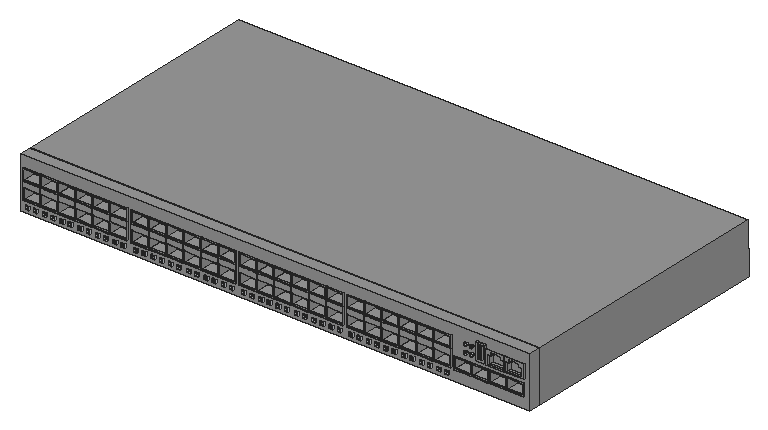
Revit family "19 Inch Switch MS400991M", category Datengeräte, Revit 2023
Family settings
  Bemaßung runder Anschluss = Durchmesser verwenden
  Teiletyp = Normal
  OmniClass-Nummer = 23.85.50.17
  OmniClass-Titel = Communication and Data Processing Equipment
  Arbeitsebenenbasiert = Nein
  Immer vertikal = Ja
  Beim Laden mit Abzugskörper schneiden = Nein
  Beschriftungsausrichtung beibehalten = Nein
  Gemeinsam genutzt = Nein
  Raumberechnungspunkt = Nein
Parameters (values of type "19 Inch Switch MS400991M")
  Vorgabe-Ansicht = 0 mm
  Material = Stahl, lackierte Oberfläche, dunkelgrau, matt
  Type = "managed switch L3"
  Interface 3 = "4x 1G/10GBase-X SFP+-Slots"
  Voltage Input = "100~240VAC (C14)"
  Hersteller = "MICROSENS"
  Beschreibung = "52-Port 10G Multi Fiber L3 Switch 19\""
  Artikelnummer = "MS400991M"
  Interface 4 = "Console enport (RJ-45)"
  Interface 2 = "48x 100/1000Base-X SFP-Slots"
  Interface 1 = "OOB-Port (RJ-45)"
Reference planes
  plane 1 "Mitte (Vorne/Hinten)": y = 232.367
  plane 2: z = 0
  plane 3 "Mitte (Links/Rechts)": x = 6.748
Forms (mm)
  Extrusion 1, solid, material "Stahl, lackierte Oberfläche, dunkelgrau, matt" <- "Material"
    sketch origin (-0.016, 361.42, 1.502) x (1, 0, 0) y (0, 0, 1)
      loop
        line (-213.236, 42.498) -> (-213.236, -1.502) -> (226.813, -1.502) -> (226.813, 42.498) -> (-213.236, 42.498)
    from 235.89 to 246.705
  Extrusion 2, solid, material "Weiss"
    sketch origin (447.071, 265.556, 149.676) x (0, 0, 1) y (-1, 0, 0)
      loop
        line (-126.471, 264.855) -> (-126.471, 259.255)
        arc (-126.471, 259.255) -> (-126.178, 258.548) -> (-125.471, 258.255) r 1
        line (-125.471, 258.255) -> (-112.371, 258.255)
        arc (-112.371, 258.255) -> (-111.663, 258.548) -> (-111.371, 259.255) r 1
        line (-111.371, 259.255) -> (-111.371, 264.855)
        arc (-111.371, 264.855) -> (-111.663, 265.562) -> (-112.371, 265.855) r 1
        line (-112.371, 265.855) -> (-125.471, 265.855)
        arc (-125.471, 265.855) -> (-126.178, 265.562) -> (-126.471, 264.855) r 1
      loop
        line (-125.071, 264.605) -> (-125.071, 259.105) -> (-112.671, 259.105) -> (-112.671, 264.605) -> (-125.071, 264.605)
    from 150.84 to 151.64
  Extrusion 3, solid, material "Edelstahl AISI 304"
    sketch origin (447.071, 265.556, 149.676) x (0, 0, 1) y (-1, 0, 0)
      loop
        line (-124.365, 262.053) -> (-113.348, 262.053) -> (-113.348, 263.837) -> (-124.365, 263.837) -> (-124.365, 262.053)
      loop
        line (-124.121, 263.355) -> (-124.121, 262.305) -> (-113.621, 262.305) -> (-113.621, 263.355) -> (-124.121, 263.355)
    from 150.84 to 151.64
  Extrusion 4, void
    sketch origin (444.571, 265.556, 149.52) x (0, 0, 1) y (-1, 0, 0)
      loop
        line (-125.071, 262.055) -> (-125.071, 259.105) -> (-112.671, 259.105) -> (-112.671, 262.055) -> (-125.071, 262.055)
    from 147.46 to 160.434
  Extrusion 5, solid, material "Stahl, 43-245"
    sketch origin (-2.408, 265.556, 44) x (0, -1, 0) y (1, 0, 0)
      loop
        line (140.025, -210.844) -> (140.025, 229.205) -> (-85.512, 229.205) -> (-85.512, -210.844) -> (140.025, -210.844)
    from -44 to 0
  Extrusion 6, solid, material "Edelstahl AISI 304"
    sketch origin (299.007, 265.556, -237.063) x (1, 0, 0) y (0, 0, 1)
      loop
        line (-93.447, 260.197) -> (-76.371, 260.197) -> (-76.371, 272.055) -> (-93.447, 272.055) -> (-93.447, 260.197)
      loop
        line (-92.032, 260.695) -> (-78.062, 260.695) -> (-78.062, 268.569) -> (-80.729, 268.569) -> (-80.729, 270.347) -> (-83.142, 270.347) -> (-83.142, 271.236) -> (-86.952, 271.236) -> (-86.952, 270.347) -> (-89.365, 270.347) -> (-89.365, 268.569) -> (-92.032, 268.569) -> (-92.032, 260.695)
    from 150.84 to 151.64
  Extrusion 7, void
    sketch origin (314.774, 265.556, -237.015) x (1, 0, 0) y (0, 0, 1)
      loop
        line (-106.701, 261.203) -> (-94.788, 261.203) -> (-94.788, 268.036) -> (-96.693, 268.036) -> (-96.693, 269.738) -> (-99.221, 269.738) -> (-99.221, 270.576) -> (-102.269, 270.576) -> (-102.269, 269.738) -> (-104.787, 269.738) -> (-104.787, 268.036) -> (-106.701, 268.036) -> (-106.701, 261.203)
    from 147.46 to 160.434
  Extrusion 8, solid, material "Edelstahl AISI 304"
    sketch origin (-409.473, 265.556, -233.012) x (1, 0, 0) y (0, 0, 1)
      loop
        line (198.964, 268.012) -> (198.964, 257.612) -> (213.977, 257.612) -> (213.977, 268.012) -> (198.964, 268.012)
      loop
        line (199.41, 267.584) -> (199.41, 257.912) -> (213.549, 257.912) -> (213.549, 267.584) -> (199.41, 267.584)
    from 140.025 to 151.64
  Extrusion 9, void
    sketch origin (-102.016, 265.556, -235.662) x (1, 0, 0) y (0, 0, 1)
      loop
        line (-107.793, 261.07) -> (-94.206, 261.07) -> (-94.206, 269.986) -> (-107.793, 269.986) -> (-107.793, 261.07)
    from 140.025 to 160.434
  Extrusion 10, solid, material "Edelstahl AISI 304"
    sketch origin (-409.414, 265.556, -247.841) x (1, 0, 0) y (0, 0, 1)
      loop
        line (198.964, 272.442) -> (198.964, 257.612) -> (213.918, 257.612) -> (213.918, 272.442) -> (198.964, 272.442)
      loop
        line (199.41, 267.733) -> (199.41, 257.912) -> (213.489, 257.912) -> (213.489, 267.733) -> (199.41, 267.733)
    from 140.025 to 151.64
  Extrusion 11, void
    sketch origin (-101.956, 265.556, -250.492) x (1, 0, 0) y (0, 0, 1)
      loop
        line (-107.793, 261.07) -> (-94.266, 261.07) -> (-94.266, 269.986) -> (-107.793, 269.986) -> (-107.793, 261.07)
    from 140.025 to 160.434
  Extrusion 12, solid
    sketch origin (-273.402, 265.556, -259.935) x (1, 0, 0) y (0, 0, 1)
      loop
        line (65.134, 266.357) -> (65.134, 263.552) -> (68.302, 263.552) -> (68.302, 266.357) -> (65.134, 266.357)
      loop
        line (65.402, 266.123) -> (65.402, 263.778) -> (68.073, 263.778) -> (68.073, 266.123) -> (65.402, 266.123)
    from 150.84 to 151.64
  Extrusion 13, solid
    sketch origin (-266.305, 265.556, -259.935) x (1, 0, 0) y (0, 0, 1)
      loop
        line (65.134, 266.357) -> (65.134, 263.552) -> (68.302, 263.552) -> (68.302, 266.357) -> (65.134, 266.357)
      loop
        line (65.402, 266.123) -> (65.402, 263.778) -> (68.073, 263.778) -> (68.073, 266.123) -> (65.402, 266.123)
    from 150.84 to 151.64
  Extrusion 14, solid, material "Edelstahl AISI 304"
    sketch origin (283.429, 265.556, -237.063) x (1, 0, 0) y (0, 0, 1)
      loop
        line (-93.447, 260.197) -> (-77.869, 260.197) -> (-77.869, 272.055) -> (-93.447, 272.055) -> (-93.447, 260.197)
      loop
        line (-92.032, 260.695) -> (-78.062, 260.695) -> (-78.062, 268.569) -> (-80.729, 268.569) -> (-80.729, 270.347) -> (-83.142, 270.347) -> (-83.142, 271.236) -> (-86.952, 271.236) -> (-86.952, 270.347) -> (-89.365, 270.347) -> (-89.365, 268.569) -> (-92.032, 268.569) -> (-92.032, 260.695)
    from 150.84 to 151.64
  Extrusion 15, void
    sketch origin (299.197, 265.556, -237.015) x (1, 0, 0) y (0, 0, 1)
      loop
        line (-106.701, 261.203) -> (-94.788, 261.203) -> (-94.788, 268.036) -> (-96.693, 268.036) -> (-96.693, 269.738) -> (-99.221, 269.738) -> (-99.221, 270.576) -> (-102.269, 270.576) -> (-102.269, 269.738) -> (-104.787, 269.738) -> (-104.787, 268.036) -> (-106.701, 268.036) -> (-106.701, 261.203)
    from 147.46 to 160.434
  Extrusion 16, solid, material "Edelstahl AISI 304"
    sketch origin (-394.507, 265.556, -233.012) x (1, 0, 0) y (0, 0, 1)
      loop
        line (198.964, 268.012) -> (198.964, 257.612) -> (213.977, 257.612) -> (213.977, 268.012) -> (198.964, 268.012)
      loop
        line (199.41, 267.584) -> (199.41, 257.912) -> (213.549, 257.912) -> (213.549, 267.584) -> (199.41, 267.584)
    from 140.025 to 151.64
  Extrusion 17, void
    sketch origin (-87.049, 265.556, -235.662) x (1, 0, 0) y (0, 0, 1)
      loop
        line (-107.793, 261.07) -> (-94.206, 261.07) -> (-94.206, 269.986) -> (-107.793, 269.986) -> (-107.793, 261.07)
    from 140.025 to 160.434
  Extrusion 18, solid, material "Edelstahl AISI 304"
    sketch origin (-394.447, 265.556, -247.841) x (1, 0, 0) y (0, 0, 1)
      loop
        line (198.964, 272.442) -> (198.964, 257.612) -> (213.918, 257.612) -> (213.918, 272.442) -> (198.964, 272.442)
      loop
        line (199.41, 267.733) -> (199.41, 257.912) -> (213.489, 257.912) -> (213.489, 267.733) -> (199.41, 267.733)
    from 140.025 to 151.64
  Extrusion 19, void
    sketch origin (-86.99, 265.556, -250.492) x (1, 0, 0) y (0, 0, 1)
      loop
        line (-107.793, 261.07) -> (-94.266, 261.07) -> (-94.266, 269.986) -> (-107.793, 269.986) -> (-107.793, 261.07)
    from 140.025 to 160.434
  Extrusion 20, solid, material "Edelstahl AISI 304"
    sketch origin (-379.493, 265.556, -233.012) x (1, 0, 0) y (0, 0, 1)
      loop
        line (198.964, 268.012) -> (198.964, 257.612) -> (213.977, 257.612) -> (213.977, 268.012) -> (198.964, 268.012)
      loop
        line (199.41, 267.584) -> (199.41, 257.912) -> (213.549, 257.912) -> (213.549, 267.584) -> (199.41, 267.584)
    from 140.025 to 151.64
  Extrusion 21, void
    sketch origin (-72.036, 265.556, -235.662) x (1, 0, 0) y (0, 0, 1)
      loop
        line (-107.793, 261.07) -> (-94.206, 261.07) -> (-94.206, 269.986) -> (-107.793, 269.986) -> (-107.793, 261.07)
    from 140.025 to 160.434
  Extrusion 22, solid, material "Edelstahl AISI 304"
    sketch origin (-379.434, 265.556, -247.841) x (1, 0, 0) y (0, 0, 1)
      loop
        line (198.964, 272.442) -> (198.964, 257.612) -> (213.918, 257.612) -> (213.918, 272.442) -> (198.964, 272.442)
      loop
        line (199.41, 267.733) -> (199.41, 257.912) -> (213.489, 257.912) -> (213.489, 267.733) -> (199.41, 267.733)
    from 140.025 to 151.64
  Extrusion 23, void
    sketch origin (-71.976, 265.556, -250.492) x (1, 0, 0) y (0, 0, 1)
      loop
        line (-107.793, 261.07) -> (-94.266, 261.07) -> (-94.266, 269.986) -> (-107.793, 269.986) -> (-107.793, 261.07)
    from 140.025 to 160.434
  Extrusion 24, solid, material "Edelstahl AISI 304"
    sketch origin (-364.48, 265.556, -233.012) x (1, 0, 0) y (0, 0, 1)
      loop
        line (198.964, 268.012) -> (198.964, 257.612) -> (213.977, 257.612) -> (213.977, 268.012) -> (198.964, 268.012)
      loop
        line (199.41, 267.584) -> (199.41, 257.912) -> (213.549, 257.912) -> (213.549, 267.584) -> (199.41, 267.584)
    from 140.025 to 151.64
  Extrusion 25, void
    sketch origin (-57.022, 265.556, -235.662) x (1, 0, 0) y (0, 0, 1)
      loop
        line (-107.793, 261.07) -> (-94.206, 261.07) -> (-94.206, 269.986) -> (-107.793, 269.986) -> (-107.793, 261.07)
    from 140.025 to 160.434
  Extrusion 26, solid, material "Edelstahl AISI 304"
    sketch origin (-364.42, 265.556, -247.841) x (1, 0, 0) y (0, 0, 1)
      loop
        line (198.964, 272.442) -> (198.964, 257.612) -> (213.918, 257.612) -> (213.918, 272.442) -> (198.964, 272.442)
      loop
        line (199.41, 267.733) -> (199.41, 257.912) -> (213.489, 257.912) -> (213.489, 267.733) -> (199.41, 267.733)
    from 140.025 to 151.64
  Extrusion 27, void
    sketch origin (-56.963, 265.556, -250.492) x (1, 0, 0) y (0, 0, 1)
      loop
        line (-107.793, 261.07) -> (-94.266, 261.07) -> (-94.266, 269.986) -> (-107.793, 269.986) -> (-107.793, 261.07)
    from 140.025 to 160.434
  Extrusion 28, solid, material "Edelstahl AISI 304"
    sketch origin (-349.466, 265.556, -233.012) x (1, 0, 0) y (0, 0, 1)
      loop
        line (198.964, 268.012) -> (198.964, 257.612) -> (213.977, 257.612) -> (213.977, 268.012) -> (198.964, 268.012)
      loop
        line (199.41, 267.584) -> (199.41, 257.912) -> (213.549, 257.912) -> (213.549, 267.584) -> (199.41, 267.584)
    from 140.025 to 151.64
  Extrusion 29, void
    sketch origin (-42.009, 265.556, -235.662) x (1, 0, 0) y (0, 0, 1)
      loop
        line (-107.793, 261.07) -> (-94.206, 261.07) -> (-94.206, 269.986) -> (-107.793, 269.986) -> (-107.793, 261.07)
    from 140.025 to 160.434
  Extrusion 30, solid, material "Edelstahl AISI 304"
    sketch origin (-349.406, 265.556, -247.841) x (1, 0, 0) y (0, 0, 1)
      loop
        line (198.964, 272.442) -> (198.964, 257.612) -> (213.918, 257.612) -> (213.918, 272.442) -> (198.964, 272.442)
      loop
        line (199.41, 267.733) -> (199.41, 257.912) -> (213.489, 257.912) -> (213.489, 267.733) -> (199.41, 267.733)
    from 140.025 to 151.64
  Extrusion 31, void
    sketch origin (-41.949, 265.556, -250.492) x (1, 0, 0) y (0, 0, 1)
      loop
        line (-107.793, 261.07) -> (-94.266, 261.07) -> (-94.266, 269.986) -> (-107.793, 269.986) -> (-107.793, 261.07)
    from 140.025 to 160.434
  Extrusion 32, solid, material "Edelstahl AISI 304"
    sketch origin (-334.453, 265.556, -233.012) x (1, 0, 0) y (0, 0, 1)
      loop
        line (198.964, 268.012) -> (198.964, 257.612) -> (213.977, 257.612) -> (213.977, 268.012) -> (198.964, 268.012)
      loop
        line (199.41, 267.584) -> (199.41, 257.912) -> (213.549, 257.912) -> (213.549, 267.584) -> (199.41, 267.584)
    from 140.025 to 151.64
  Extrusion 33, void
    sketch origin (-26.995, 265.556, -235.662) x (1, 0, 0) y (0, 0, 1)
      loop
        line (-107.793, 261.07) -> (-94.206, 261.07) -> (-94.206, 269.986) -> (-107.793, 269.986) -> (-107.793, 261.07)
    from 140.025 to 160.434
  Extrusion 34, solid, material "Edelstahl AISI 304"
    sketch origin (-334.393, 265.556, -247.841) x (1, 0, 0) y (0, 0, 1)
      loop
        line (198.964, 272.442) -> (198.964, 257.612) -> (213.918, 257.612) -> (213.918, 272.442) -> (198.964, 272.442)
      loop
        line (199.41, 267.733) -> (199.41, 257.912) -> (213.489, 257.912) -> (213.489, 267.733) -> (199.41, 267.733)
    from 140.025 to 151.64
  Extrusion 35, void
    sketch origin (-26.935, 265.556, -250.492) x (1, 0, 0) y (0, 0, 1)
      loop
        line (-107.793, 261.07) -> (-94.266, 261.07) -> (-94.266, 269.986) -> (-107.793, 269.986) -> (-107.793, 261.07)
    from 140.025 to 160.434
  Extrusion 36, solid
    sketch origin (-258.402, 265.556, -259.935) x (1, 0, 0) y (0, 0, 1)
      loop
        line (65.134, 266.357) -> (65.134, 263.552) -> (68.302, 263.552) -> (68.302, 266.357) -> (65.134, 266.357)
      loop
        line (65.402, 266.123) -> (65.402, 263.778) -> (68.073, 263.778) -> (68.073, 266.123) -> (65.402, 266.123)
    from 150.84 to 151.64
  Extrusion 37, solid
    sketch origin (-251.305, 265.556, -259.935) x (1, 0, 0) y (0, 0, 1)
      loop
        line (65.134, 266.357) -> (65.134, 263.552) -> (68.302, 263.552) -> (68.302, 266.357) -> (65.134, 266.357)
      loop
        line (65.402, 266.123) -> (65.402, 263.778) -> (68.073, 263.778) -> (68.073, 266.123) -> (65.402, 266.123)
    from 150.84 to 151.64
  Extrusion 38, solid
    sketch origin (-243.402, 265.556, -259.935) x (1, 0, 0) y (0, 0, 1)
      loop
        line (65.134, 266.357) -> (65.134, 263.552) -> (68.302, 263.552) -> (68.302, 266.357) -> (65.134, 266.357)
      loop
        line (65.402, 266.123) -> (65.402, 263.778) -> (68.073, 263.778) -> (68.073, 266.123) -> (65.402, 266.123)
    from 150.84 to 151.64
  Extrusion 39, solid
    sketch origin (-236.305, 265.556, -259.935) x (1, 0, 0) y (0, 0, 1)
      loop
        line (65.134, 266.357) -> (65.134, 263.552) -> (68.302, 263.552) -> (68.302, 266.357) -> (65.134, 266.357)
      loop
        line (65.402, 266.123) -> (65.402, 263.778) -> (68.073, 263.778) -> (68.073, 266.123) -> (65.402, 266.123)
    from 150.84 to 151.64
  Extrusion 40, solid
    sketch origin (-227.709, 265.556, -259.935) x (1, 0, 0) y (0, 0, 1)
      loop
        line (65.134, 266.357) -> (65.134, 263.552) -> (68.302, 263.552) -> (68.302, 266.357) -> (65.134, 266.357)
      loop
        line (65.402, 266.123) -> (65.402, 263.778) -> (68.073, 263.778) -> (68.073, 266.123) -> (65.402, 266.123)
    from 150.84 to 151.64
  Extrusion 41, solid
    sketch origin (-220.612, 265.556, -259.935) x (1, 0, 0) y (0, 0, 1)
      loop
        line (65.134, 266.357) -> (65.134, 263.552) -> (68.302, 263.552) -> (68.302, 266.357) -> (65.134, 266.357)
      loop
        line (65.402, 266.123) -> (65.402, 263.778) -> (68.073, 263.778) -> (68.073, 266.123) -> (65.402, 266.123)
    from 150.84 to 151.64
  Extrusion 42, solid
    sketch origin (-212.709, 265.556, -259.935) x (1, 0, 0) y (0, 0, 1)
      loop
        line (65.134, 266.357) -> (65.134, 263.552) -> (68.302, 263.552) -> (68.302, 266.357) -> (65.134, 266.357)
      loop
        line (65.402, 266.123) -> (65.402, 263.778) -> (68.073, 263.778) -> (68.073, 266.123) -> (65.402, 266.123)
    from 150.84 to 151.64
  Extrusion 43, solid
    sketch origin (-205.612, 265.556, -259.935) x (1, 0, 0) y (0, 0, 1)
      loop
        line (65.134, 266.357) -> (65.134, 263.552) -> (68.302, 263.552) -> (68.302, 266.357) -> (65.134, 266.357)
      loop
        line (65.402, 266.123) -> (65.402, 263.778) -> (68.073, 263.778) -> (68.073, 266.123) -> (65.402, 266.123)
    from 150.84 to 151.64
  Extrusion 44, solid
    sketch origin (-197.709, 265.556, -259.935) x (1, 0, 0) y (0, 0, 1)
      loop
        line (65.134, 266.357) -> (65.134, 263.552) -> (68.302, 263.552) -> (68.302, 266.357) -> (65.134, 266.357)
      loop
        line (65.402, 266.123) -> (65.402, 263.778) -> (68.073, 263.778) -> (68.073, 266.123) -> (65.402, 266.123)
    from 150.84 to 151.64
  Extrusion 45, solid
    sketch origin (-190.612, 265.556, -259.935) x (1, 0, 0) y (0, 0, 1)
      loop
        line (65.134, 266.357) -> (65.134, 263.552) -> (68.302, 263.552) -> (68.302, 266.357) -> (65.134, 266.357)
      loop
        line (65.402, 266.123) -> (65.402, 263.778) -> (68.073, 263.778) -> (68.073, 266.123) -> (65.402, 266.123)
    from 150.84 to 151.64
  Extrusion 46, solid, material "Edelstahl AISI 304"
    sketch origin (-315.735, 265.556, -233.012) x (1, 0, 0) y (0, 0, 1)
      loop
        line (198.964, 268.012) -> (198.964, 257.612) -> (213.977, 257.612) -> (213.977, 268.012) -> (198.964, 268.012)
      loop
        line (199.41, 267.584) -> (199.41, 257.912) -> (213.549, 257.912) -> (213.549, 267.584) -> (199.41, 267.584)
    from 140.025 to 151.64
  Extrusion 47, void
    sketch origin (-8.278, 265.556, -235.662) x (1, 0, 0) y (0, 0, 1)
      loop
        line (-107.793, 261.07) -> (-94.206, 261.07) -> (-94.206, 269.986) -> (-107.793, 269.986) -> (-107.793, 261.07)
    from 140.025 to 160.434
  Extrusion 48, solid, material "Edelstahl AISI 304"
    sketch origin (-315.676, 265.556, -247.841) x (1, 0, 0) y (0, 0, 1)
      loop
        line (198.964, 272.442) -> (198.964, 257.612) -> (213.918, 257.612) -> (213.918, 272.442) -> (198.964, 272.442)
      loop
        line (199.41, 267.733) -> (199.41, 257.912) -> (213.489, 257.912) -> (213.489, 267.733) -> (199.41, 267.733)
    from 140.025 to 151.64
  Extrusion 49, void
    sketch origin (-8.218, 265.556, -250.492) x (1, 0, 0) y (0, 0, 1)
      loop
        line (-107.793, 261.07) -> (-94.266, 261.07) -> (-94.266, 269.986) -> (-107.793, 269.986) -> (-107.793, 261.07)
    from 140.025 to 160.434
  Extrusion 50, solid
    sketch origin (-179.664, 265.556, -259.935) x (1, 0, 0) y (0, 0, 1)
      loop
        line (65.134, 266.357) -> (65.134, 263.552) -> (68.302, 263.552) -> (68.302, 266.357) -> (65.134, 266.357)
      loop
        line (65.402, 266.123) -> (65.402, 263.778) -> (68.073, 263.778) -> (68.073, 266.123) -> (65.402, 266.123)
    from 150.84 to 151.64
  Extrusion 51, solid
    sketch origin (-172.567, 265.556, -259.935) x (1, 0, 0) y (0, 0, 1)
      loop
        line (65.134, 266.357) -> (65.134, 263.552) -> (68.302, 263.552) -> (68.302, 266.357) -> (65.134, 266.357)
      loop
        line (65.402, 266.123) -> (65.402, 263.778) -> (68.073, 263.778) -> (68.073, 266.123) -> (65.402, 266.123)
    from 150.84 to 151.64
  Extrusion 52, solid, material "Edelstahl AISI 304"
    sketch origin (-300.769, 265.556, -233.012) x (1, 0, 0) y (0, 0, 1)
      loop
        line (198.964, 268.012) -> (198.964, 257.612) -> (213.977, 257.612) -> (213.977, 268.012) -> (198.964, 268.012)
      loop
        line (199.41, 267.584) -> (199.41, 257.912) -> (213.549, 257.912) -> (213.549, 267.584) -> (199.41, 267.584)
    from 140.025 to 151.64
  Extrusion 53, void
    sketch origin (6.688, 265.556, -235.662) x (1, 0, 0) y (0, 0, 1)
      loop
        line (-107.793, 261.07) -> (-94.206, 261.07) -> (-94.206, 269.986) -> (-107.793, 269.986) -> (-107.793, 261.07)
    from 140.025 to 160.434
  Extrusion 54, solid, material "Edelstahl AISI 304"
    sketch origin (-300.709, 265.556, -247.841) x (1, 0, 0) y (0, 0, 1)
      loop
        line (198.964, 272.442) -> (198.964, 257.612) -> (213.918, 257.612) -> (213.918, 272.442) -> (198.964, 272.442)
      loop
        line (199.41, 267.733) -> (199.41, 257.912) -> (213.489, 257.912) -> (213.489, 267.733) -> (199.41, 267.733)
    from 140.025 to 151.64
  Extrusion 55, void
    sketch origin (6.748, 265.556, -250.492) x (1, 0, 0) y (0, 0, 1)
      loop
        line (-107.793, 261.07) -> (-94.266, 261.07) -> (-94.266, 269.986) -> (-107.793, 269.986) -> (-107.793, 261.07)
    from 140.025 to 160.434
  Extrusion 56, solid, material "Edelstahl AISI 304"
    sketch origin (-285.756, 265.556, -233.012) x (1, 0, 0) y (0, 0, 1)
      loop
        line (198.964, 268.012) -> (198.964, 257.612) -> (213.977, 257.612) -> (213.977, 268.012) -> (198.964, 268.012)
      loop
        line (199.41, 267.584) -> (199.41, 257.912) -> (213.549, 257.912) -> (213.549, 267.584) -> (199.41, 267.584)
    from 140.025 to 151.64
  Extrusion 57, void
    sketch origin (21.702, 265.556, -235.662) x (1, 0, 0) y (0, 0, 1)
      loop
        line (-107.793, 261.07) -> (-94.206, 261.07) -> (-94.206, 269.986) -> (-107.793, 269.986) -> (-107.793, 261.07)
    from 140.025 to 160.434
  Extrusion 58, solid, material "Edelstahl AISI 304"
    sketch origin (-285.696, 265.556, -247.841) x (1, 0, 0) y (0, 0, 1)
      loop
        line (198.964, 272.442) -> (198.964, 257.612) -> (213.918, 257.612) -> (213.918, 272.442) -> (198.964, 272.442)
      loop
        line (199.41, 267.733) -> (199.41, 257.912) -> (213.489, 257.912) -> (213.489, 267.733) -> (199.41, 267.733)
    from 140.025 to 151.64
  Extrusion 59, void
    sketch origin (21.762, 265.556, -250.492) x (1, 0, 0) y (0, 0, 1)
      loop
        line (-107.793, 261.07) -> (-94.266, 261.07) -> (-94.266, 269.986) -> (-107.793, 269.986) -> (-107.793, 261.07)
    from 140.025 to 160.434
  Extrusion 60, solid, material "Edelstahl AISI 304"
    sketch origin (-270.742, 265.556, -233.012) x (1, 0, 0) y (0, 0, 1)
      loop
        line (198.964, 268.012) -> (198.964, 257.612) -> (213.977, 257.612) -> (213.977, 268.012) -> (198.964, 268.012)
      loop
        line (199.41, 267.584) -> (199.41, 257.912) -> (213.549, 257.912) -> (213.549, 267.584) -> (199.41, 267.584)
    from 140.025 to 151.64
  Extrusion 61, void
    sketch origin (36.716, 265.556, -235.662) x (1, 0, 0) y (0, 0, 1)
      loop
        line (-107.793, 261.07) -> (-94.206, 261.07) -> (-94.206, 269.986) -> (-107.793, 269.986) -> (-107.793, 261.07)
    from 140.025 to 160.434
  Extrusion 62, solid, material "Edelstahl AISI 304"
    sketch origin (-270.682, 265.556, -247.841) x (1, 0, 0) y (0, 0, 1)
      loop
        line (198.964, 272.442) -> (198.964, 257.612) -> (213.918, 257.612) -> (213.918, 272.442) -> (198.964, 272.442)
      loop
        line (199.41, 267.733) -> (199.41, 257.912) -> (213.489, 257.912) -> (213.489, 267.733) -> (199.41, 267.733)
    from 140.025 to 151.64
  Extrusion 63, void
    sketch origin (36.775, 265.556, -250.492) x (1, 0, 0) y (0, 0, 1)
      loop
        line (-107.793, 261.07) -> (-94.266, 261.07) -> (-94.266, 269.986) -> (-107.793, 269.986) -> (-107.793, 261.07)
    from 140.025 to 160.434
  Extrusion 64, solid, material "Edelstahl AISI 304"
    sketch origin (-255.728, 265.556, -233.012) x (1, 0, 0) y (0, 0, 1)
      loop
        line (198.964, 268.012) -> (198.964, 257.612) -> (213.977, 257.612) -> (213.977, 268.012) -> (198.964, 268.012)
      loop
        line (199.41, 267.584) -> (199.41, 257.912) -> (213.549, 257.912) -> (213.549, 267.584) -> (199.41, 267.584)
    from 140.025 to 151.64
  Extrusion 65, void
    sketch origin (51.729, 265.556, -235.662) x (1, 0, 0) y (0, 0, 1)
      loop
        line (-107.793, 261.07) -> (-94.206, 261.07) -> (-94.206, 269.986) -> (-107.793, 269.986) -> (-107.793, 261.07)
    from 140.025 to 160.434
  Extrusion 66, solid, material "Edelstahl AISI 304"
    sketch origin (-255.669, 265.556, -247.841) x (1, 0, 0) y (0, 0, 1)
      loop
        line (198.964, 272.442) -> (198.964, 257.612) -> (213.918, 257.612) -> (213.918, 272.442) -> (198.964, 272.442)
      loop
        line (199.41, 267.733) -> (199.41, 257.912) -> (213.489, 257.912) -> (213.489, 267.733) -> (199.41, 267.733)
    from 140.025 to 151.64
  Extrusion 67, void
    sketch origin (51.789, 265.556, -250.492) x (1, 0, 0) y (0, 0, 1)
      loop
        line (-107.793, 261.07) -> (-94.266, 261.07) -> (-94.266, 269.986) -> (-107.793, 269.986) -> (-107.793, 261.07)
    from 140.025 to 160.434
  Extrusion 68, solid, material "Edelstahl AISI 304"
    sketch origin (-240.715, 265.556, -233.012) x (1, 0, 0) y (0, 0, 1)
      loop
        line (198.964, 268.012) -> (198.964, 257.612) -> (213.977, 257.612) -> (213.977, 268.012) -> (198.964, 268.012)
      loop
        line (199.41, 267.584) -> (199.41, 257.912) -> (213.549, 257.912) -> (213.549, 267.584) -> (199.41, 267.584)
    from 140.025 to 151.64
  Extrusion 69, void
    sketch origin (66.743, 265.556, -235.662) x (1, 0, 0) y (0, 0, 1)
      loop
        line (-107.793, 261.07) -> (-94.206, 261.07) -> (-94.206, 269.986) -> (-107.793, 269.986) -> (-107.793, 261.07)
    from 140.025 to 160.434
  Extrusion 70, solid, material "Edelstahl AISI 304"
    sketch origin (-240.655, 265.556, -247.841) x (1, 0, 0) y (0, 0, 1)
      loop
        line (198.964, 272.442) -> (198.964, 257.612) -> (213.918, 257.612) -> (213.918, 272.442) -> (198.964, 272.442)
      loop
        line (199.41, 267.733) -> (199.41, 257.912) -> (213.489, 257.912) -> (213.489, 267.733) -> (199.41, 267.733)
    from 140.025 to 151.64
  Extrusion 71, void
    sketch origin (66.802, 265.556, -250.492) x (1, 0, 0) y (0, 0, 1)
      loop
        line (-107.793, 261.07) -> (-94.266, 261.07) -> (-94.266, 269.986) -> (-107.793, 269.986) -> (-107.793, 261.07)
    from 140.025 to 160.434
  Extrusion 72, solid
    sketch origin (-164.664, 265.556, -259.935) x (1, 0, 0) y (0, 0, 1)
      loop
        line (65.134, 266.357) -> (65.134, 263.552) -> (68.302, 263.552) -> (68.302, 266.357) -> (65.134, 266.357)
      loop
        line (65.402, 266.123) -> (65.402, 263.778) -> (68.073, 263.778) -> (68.073, 266.123) -> (65.402, 266.123)
    from 150.84 to 151.64
  Extrusion 73, solid
    sketch origin (-157.567, 265.556, -259.935) x (1, 0, 0) y (0, 0, 1)
      loop
        line (65.134, 266.357) -> (65.134, 263.552) -> (68.302, 263.552) -> (68.302, 266.357) -> (65.134, 266.357)
      loop
        line (65.402, 266.123) -> (65.402, 263.778) -> (68.073, 263.778) -> (68.073, 266.123) -> (65.402, 266.123)
    from 150.84 to 151.64
  Extrusion 74, solid
    sketch origin (-149.664, 265.556, -259.935) x (1, 0, 0) y (0, 0, 1)
      loop
        line (65.134, 266.357) -> (65.134, 263.552) -> (68.302, 263.552) -> (68.302, 266.357) -> (65.134, 266.357)
      loop
        line (65.402, 266.123) -> (65.402, 263.778) -> (68.073, 263.778) -> (68.073, 266.123) -> (65.402, 266.123)
    from 150.84 to 151.64
  Extrusion 75, solid
    sketch origin (-142.567, 265.556, -259.935) x (1, 0, 0) y (0, 0, 1)
      loop
        line (65.134, 266.357) -> (65.134, 263.552) -> (68.302, 263.552) -> (68.302, 266.357) -> (65.134, 266.357)
      loop
        line (65.402, 266.123) -> (65.402, 263.778) -> (68.073, 263.778) -> (68.073, 266.123) -> (65.402, 266.123)
    from 150.84 to 151.64
  Extrusion 76, solid
    sketch origin (-133.972, 265.556, -259.935) x (1, 0, 0) y (0, 0, 1)
      loop
        line (65.134, 266.357) -> (65.134, 263.552) -> (68.302, 263.552) -> (68.302, 266.357) -> (65.134, 266.357)
      loop
        line (65.402, 266.123) -> (65.402, 263.778) -> (68.073, 263.778) -> (68.073, 266.123) -> (65.402, 266.123)
    from 150.84 to 151.64
  Extrusion 77, solid
    sketch origin (-126.874, 265.556, -259.935) x (1, 0, 0) y (0, 0, 1)
      loop
        line (65.134, 266.357) -> (65.134, 263.552) -> (68.302, 263.552) -> (68.302, 266.357) -> (65.134, 266.357)
      loop
        line (65.402, 266.123) -> (65.402, 263.778) -> (68.073, 263.778) -> (68.073, 266.123) -> (65.402, 266.123)
    from 150.84 to 151.64
  Extrusion 78, solid
    sketch origin (-118.972, 265.556, -259.935) x (1, 0, 0) y (0, 0, 1)
      loop
        line (65.134, 266.357) -> (65.134, 263.552) -> (68.302, 263.552) -> (68.302, 266.357) -> (65.134, 266.357)
      loop
        line (65.402, 266.123) -> (65.402, 263.778) -> (68.073, 263.778) -> (68.073, 266.123) -> (65.402, 266.123)
    from 150.84 to 151.64
  Extrusion 79, solid
    sketch origin (-111.874, 265.556, -259.935) x (1, 0, 0) y (0, 0, 1)
      loop
        line (65.134, 266.357) -> (65.134, 263.552) -> (68.302, 263.552) -> (68.302, 266.357) -> (65.134, 266.357)
      loop
        line (65.402, 266.123) -> (65.402, 263.778) -> (68.073, 263.778) -> (68.073, 266.123) -> (65.402, 266.123)
    from 150.84 to 151.64
  Extrusion 80, solid
    sketch origin (-103.972, 265.556, -259.935) x (1, 0, 0) y (0, 0, 1)
      loop
        line (65.134, 266.357) -> (65.134, 263.552) -> (68.302, 263.552) -> (68.302, 266.357) -> (65.134, 266.357)
      loop
        line (65.402, 266.123) -> (65.402, 263.778) -> (68.073, 263.778) -> (68.073, 266.123) -> (65.402, 266.123)
    from 150.84 to 151.64
  Extrusion 81, solid
    sketch origin (-96.874, 265.556, -259.935) x (1, 0, 0) y (0, 0, 1)
      loop
        line (65.134, 266.357) -> (65.134, 263.552) -> (68.302, 263.552) -> (68.302, 266.357) -> (65.134, 266.357)
      loop
        line (65.402, 266.123) -> (65.402, 263.778) -> (68.073, 263.778) -> (68.073, 266.123) -> (65.402, 266.123)
    from 150.84 to 151.64
  Extrusion 82, solid, material "Edelstahl AISI 304"
    sketch origin (-222.595, 265.556, -233.012) x (1, 0, 0) y (0, 0, 1)
      loop
        line (198.964, 268.012) -> (198.964, 257.612) -> (213.977, 257.612) -> (213.977, 268.012) -> (198.964, 268.012)
      loop
        line (199.41, 267.584) -> (199.41, 257.912) -> (213.549, 257.912) -> (213.549, 267.584) -> (199.41, 267.584)
    from 140.025 to 151.64
  Extrusion 83, void
    sketch origin (84.862, 265.556, -235.662) x (1, 0, 0) y (0, 0, 1)
      loop
        line (-107.793, 261.07) -> (-94.206, 261.07) -> (-94.206, 269.986) -> (-107.793, 269.986) -> (-107.793, 261.07)
    from 140.025 to 160.434
  Extrusion 84, solid, material "Edelstahl AISI 304"
    sketch origin (-222.535, 265.556, -247.841) x (1, 0, 0) y (0, 0, 1)
      loop
        line (198.964, 272.442) -> (198.964, 257.612) -> (213.918, 257.612) -> (213.918, 272.442) -> (198.964, 272.442)
      loop
        line (199.41, 267.733) -> (199.41, 257.912) -> (213.489, 257.912) -> (213.489, 267.733) -> (199.41, 267.733)
    from 140.025 to 151.64
  Extrusion 85, void
    sketch origin (84.922, 265.556, -250.492) x (1, 0, 0) y (0, 0, 1)
      loop
        line (-107.793, 261.07) -> (-94.266, 261.07) -> (-94.266, 269.986) -> (-107.793, 269.986) -> (-107.793, 261.07)
    from 140.025 to 160.434
  Extrusion 86, solid
    sketch origin (-86.524, 265.556, -259.935) x (1, 0, 0) y (0, 0, 1)
      loop
        line (65.134, 266.357) -> (65.134, 263.552) -> (68.302, 263.552) -> (68.302, 266.357) -> (65.134, 266.357)
      loop
        line (65.402, 266.123) -> (65.402, 263.778) -> (68.073, 263.778) -> (68.073, 266.123) -> (65.402, 266.123)
    from 150.84 to 151.64
  Extrusion 87, solid
    sketch origin (-79.426, 265.556, -259.935) x (1, 0, 0) y (0, 0, 1)
      loop
        line (65.134, 266.357) -> (65.134, 263.552) -> (68.302, 263.552) -> (68.302, 266.357) -> (65.134, 266.357)
      loop
        line (65.402, 266.123) -> (65.402, 263.778) -> (68.073, 263.778) -> (68.073, 266.123) -> (65.402, 266.123)
    from 150.84 to 151.64
  Extrusion 88, solid, material "Edelstahl AISI 304"
    sketch origin (-207.629, 265.556, -233.012) x (1, 0, 0) y (0, 0, 1)
      loop
        line (198.964, 268.012) -> (198.964, 257.612) -> (213.977, 257.612) -> (213.977, 268.012) -> (198.964, 268.012)
      loop
        line (199.41, 267.584) -> (199.41, 257.912) -> (213.549, 257.912) -> (213.549, 267.584) -> (199.41, 267.584)
    from 140.025 to 151.64
  Extrusion 89, void
    sketch origin (99.829, 265.556, -235.662) x (1, 0, 0) y (0, 0, 1)
      loop
        line (-107.793, 261.07) -> (-94.206, 261.07) -> (-94.206, 269.986) -> (-107.793, 269.986) -> (-107.793, 261.07)
    from 140.025 to 160.434
  Extrusion 90, solid, material "Edelstahl AISI 304"
    sketch origin (-207.569, 265.556, -247.841) x (1, 0, 0) y (0, 0, 1)
      loop
        line (198.964, 272.442) -> (198.964, 257.612) -> (213.918, 257.612) -> (213.918, 272.442) -> (198.964, 272.442)
      loop
        line (199.41, 267.733) -> (199.41, 257.912) -> (213.489, 257.912) -> (213.489, 267.733) -> (199.41, 267.733)
    from 140.025 to 151.64
  Extrusion 91, void
    sketch origin (99.888, 265.556, -250.492) x (1, 0, 0) y (0, 0, 1)
      loop
        line (-107.793, 261.07) -> (-94.266, 261.07) -> (-94.266, 269.986) -> (-107.793, 269.986) -> (-107.793, 261.07)
    from 140.025 to 160.434
  Extrusion 92, solid, material "Edelstahl AISI 304"
    sketch origin (-192.615, 265.556, -233.012) x (1, 0, 0) y (0, 0, 1)
      loop
        line (198.964, 268.012) -> (198.964, 257.612) -> (213.977, 257.612) -> (213.977, 268.012) -> (198.964, 268.012)
      loop
        line (199.41, 267.584) -> (199.41, 257.912) -> (213.549, 257.912) -> (213.549, 267.584) -> (199.41, 267.584)
    from 140.025 to 151.64
  Extrusion 93, void
    sketch origin (114.842, 265.556, -235.662) x (1, 0, 0) y (0, 0, 1)
      loop
        line (-107.793, 261.07) -> (-94.206, 261.07) -> (-94.206, 269.986) -> (-107.793, 269.986) -> (-107.793, 261.07)
    from 140.025 to 160.434
  Extrusion 94, solid, material "Edelstahl AISI 304"
    sketch origin (-192.555, 265.556, -247.841) x (1, 0, 0) y (0, 0, 1)
      loop
        line (198.964, 272.442) -> (198.964, 257.612) -> (213.918, 257.612) -> (213.918, 272.442) -> (198.964, 272.442)
      loop
        line (199.41, 267.733) -> (199.41, 257.912) -> (213.489, 257.912) -> (213.489, 267.733) -> (199.41, 267.733)
    from 140.025 to 151.64
  Extrusion 95, void
    sketch origin (114.902, 265.556, -250.492) x (1, 0, 0) y (0, 0, 1)
      loop
        line (-107.793, 261.07) -> (-94.266, 261.07) -> (-94.266, 269.986) -> (-107.793, 269.986) -> (-107.793, 261.07)
    from 140.025 to 160.434
  Extrusion 96, solid, material "Edelstahl AISI 304"
    sketch origin (-177.602, 265.556, -233.012) x (1, 0, 0) y (0, 0, 1)
      loop
        line (198.964, 268.012) -> (198.964, 257.612) -> (213.977, 257.612) -> (213.977, 268.012) -> (198.964, 268.012)
      loop
        line (199.41, 267.584) -> (199.41, 257.912) -> (213.549, 257.912) -> (213.549, 267.584) -> (199.41, 267.584)
    from 140.025 to 151.64
  Extrusion 97, void
    sketch origin (129.856, 265.556, -235.662) x (1, 0, 0) y (0, 0, 1)
      loop
        line (-107.793, 261.07) -> (-94.206, 261.07) -> (-94.206, 269.986) -> (-107.793, 269.986) -> (-107.793, 261.07)
    from 140.025 to 160.434
  Extrusion 98, solid, material "Edelstahl AISI 304"
    sketch origin (-177.542, 265.556, -247.841) x (1, 0, 0) y (0, 0, 1)
      loop
        line (198.964, 272.442) -> (198.964, 257.612) -> (213.918, 257.612) -> (213.918, 272.442) -> (198.964, 272.442)
      loop
        line (199.41, 267.733) -> (199.41, 257.912) -> (213.489, 257.912) -> (213.489, 267.733) -> (199.41, 267.733)
    from 140.025 to 151.64
  Extrusion 99, void
    sketch origin (129.916, 265.556, -250.492) x (1, 0, 0) y (0, 0, 1)
      loop
        line (-107.793, 261.07) -> (-94.266, 261.07) -> (-94.266, 269.986) -> (-107.793, 269.986) -> (-107.793, 261.07)
    from 140.025 to 160.434
  Extrusion 100, solid, material "Edelstahl AISI 304"
    sketch origin (-162.588, 265.556, -233.012) x (1, 0, 0) y (0, 0, 1)
      loop
        line (198.964, 268.012) -> (198.964, 257.612) -> (213.977, 257.612) -> (213.977, 268.012) -> (198.964, 268.012)
      loop
        line (199.41, 267.584) -> (199.41, 257.912) -> (213.549, 257.912) -> (213.549, 267.584) -> (199.41, 267.584)
    from 140.025 to 151.64
  Extrusion 101, void
    sketch origin (144.869, 265.556, -235.662) x (1, 0, 0) y (0, 0, 1)
      loop
        line (-107.793, 261.07) -> (-94.206, 261.07) -> (-94.206, 269.986) -> (-107.793, 269.986) -> (-107.793, 261.07)
    from 140.025 to 160.434
  Extrusion 102, solid, material "Edelstahl AISI 304"
    sketch origin (-162.528, 265.556, -247.841) x (1, 0, 0) y (0, 0, 1)
      loop
        line (198.964, 272.442) -> (198.964, 257.612) -> (213.918, 257.612) -> (213.918, 272.442) -> (198.964, 272.442)
      loop
        line (199.41, 267.733) -> (199.41, 257.912) -> (213.489, 257.912) -> (213.489, 267.733) -> (199.41, 267.733)
    from 140.025 to 151.64
  Extrusion 103, void
    sketch origin (144.929, 265.556, -250.492) x (1, 0, 0) y (0, 0, 1)
      loop
        line (-107.793, 261.07) -> (-94.266, 261.07) -> (-94.266, 269.986) -> (-107.793, 269.986) -> (-107.793, 261.07)
    from 140.025 to 160.434
  Extrusion 104, solid, material "Edelstahl AISI 304"
    sketch origin (-147.574, 265.556, -233.012) x (1, 0, 0) y (0, 0, 1)
      loop
        line (198.964, 268.012) -> (198.964, 257.612) -> (213.977, 257.612) -> (213.977, 268.012) -> (198.964, 268.012)
      loop
        line (199.41, 267.584) -> (199.41, 257.912) -> (213.549, 257.912) -> (213.549, 267.584) -> (199.41, 267.584)
    from 140.025 to 151.64
  Extrusion 105, void
    sketch origin (159.883, 265.556, -235.662) x (1, 0, 0) y (0, 0, 1)
      loop
        line (-107.793, 261.07) -> (-94.206, 261.07) -> (-94.206, 269.986) -> (-107.793, 269.986) -> (-107.793, 261.07)
    from 140.025 to 160.434
  Extrusion 106, solid, material "Edelstahl AISI 304"
    sketch origin (-147.515, 265.556, -247.841) x (1, 0, 0) y (0, 0, 1)
      loop
        line (198.964, 272.442) -> (198.964, 257.612) -> (213.918, 257.612) -> (213.918, 272.442) -> (198.964, 272.442)
      loop
        line (199.41, 267.733) -> (199.41, 257.912) -> (213.489, 257.912) -> (213.489, 267.733) -> (199.41, 267.733)
    from 140.025 to 151.64
  Extrusion 107, void
    sketch origin (159.943, 265.556, -250.492) x (1, 0, 0) y (0, 0, 1)
      loop
        line (-107.793, 261.07) -> (-94.266, 261.07) -> (-94.266, 269.986) -> (-107.793, 269.986) -> (-107.793, 261.07)
    from 140.025 to 160.434
  Extrusion 108, solid
    sketch origin (-71.524, 265.556, -259.935) x (1, 0, 0) y (0, 0, 1)
      loop
        line (65.134, 266.357) -> (65.134, 263.552) -> (68.302, 263.552) -> (68.302, 266.357) -> (65.134, 266.357)
      loop
        line (65.402, 266.123) -> (65.402, 263.778) -> (68.073, 263.778) -> (68.073, 266.123) -> (65.402, 266.123)
    from 150.84 to 151.64
  Extrusion 109, solid
    sketch origin (-64.426, 265.556, -259.935) x (1, 0, 0) y (0, 0, 1)
      loop
        line (65.134, 266.357) -> (65.134, 263.552) -> (68.302, 263.552) -> (68.302, 266.357) -> (65.134, 266.357)
      loop
        line (65.402, 266.123) -> (65.402, 263.778) -> (68.073, 263.778) -> (68.073, 266.123) -> (65.402, 266.123)
    from 150.84 to 151.64
  Extrusion 110, solid
    sketch origin (-56.524, 265.556, -259.935) x (1, 0, 0) y (0, 0, 1)
      loop
        line (65.134, 266.357) -> (65.134, 263.552) -> (68.302, 263.552) -> (68.302, 266.357) -> (65.134, 266.357)
      loop
        line (65.402, 266.123) -> (65.402, 263.778) -> (68.073, 263.778) -> (68.073, 266.123) -> (65.402, 266.123)
    from 150.84 to 151.64
  Extrusion 111, solid
    sketch origin (-49.426, 265.556, -259.935) x (1, 0, 0) y (0, 0, 1)
      loop
        line (65.134, 266.357) -> (65.134, 263.552) -> (68.302, 263.552) -> (68.302, 266.357) -> (65.134, 266.357)
      loop
        line (65.402, 266.123) -> (65.402, 263.778) -> (68.073, 263.778) -> (68.073, 266.123) -> (65.402, 266.123)
    from 150.84 to 151.64
  Extrusion 112, solid
    sketch origin (-40.831, 265.556, -259.935) x (1, 0, 0) y (0, 0, 1)
      loop
        line (65.134, 266.357) -> (65.134, 263.552) -> (68.302, 263.552) -> (68.302, 266.357) -> (65.134, 266.357)
      loop
        line (65.402, 266.123) -> (65.402, 263.778) -> (68.073, 263.778) -> (68.073, 266.123) -> (65.402, 266.123)
    from 150.84 to 151.64
  Extrusion 113, solid
    sketch origin (-33.734, 265.556, -259.935) x (1, 0, 0) y (0, 0, 1)
      loop
        line (65.134, 266.357) -> (65.134, 263.552) -> (68.302, 263.552) -> (68.302, 266.357) -> (65.134, 266.357)
      loop
        line (65.402, 266.123) -> (65.402, 263.778) -> (68.073, 263.778) -> (68.073, 266.123) -> (65.402, 266.123)
    from 150.84 to 151.64
  Extrusion 114, solid
    sketch origin (-25.831, 265.556, -259.935) x (1, 0, 0) y (0, 0, 1)
      loop
        line (65.134, 266.357) -> (65.134, 263.552) -> (68.302, 263.552) -> (68.302, 266.357) -> (65.134, 266.357)
      loop
        line (65.402, 266.123) -> (65.402, 263.778) -> (68.073, 263.778) -> (68.073, 266.123) -> (65.402, 266.123)
    from 150.84 to 151.64
  Extrusion 115, solid
    sketch origin (-18.734, 265.556, -259.935) x (1, 0, 0) y (0, 0, 1)
      loop
        line (65.134, 266.357) -> (65.134, 263.552) -> (68.302, 263.552) -> (68.302, 266.357) -> (65.134, 266.357)
      loop
        line (65.402, 266.123) -> (65.402, 263.778) -> (68.073, 263.778) -> (68.073, 266.123) -> (65.402, 266.123)
    from 150.84 to 151.64
  Extrusion 116, solid
    sketch origin (-10.831, 265.556, -259.935) x (1, 0, 0) y (0, 0, 1)
      loop
        line (65.134, 266.357) -> (65.134, 263.552) -> (68.302, 263.552) -> (68.302, 266.357) -> (65.134, 266.357)
      loop
        line (65.402, 266.123) -> (65.402, 263.778) -> (68.073, 263.778) -> (68.073, 266.123) -> (65.402, 266.123)
    from 150.84 to 151.64
  Extrusion 117, solid
    sketch origin (-3.734, 265.556, -259.935) x (1, 0, 0) y (0, 0, 1)
      loop
        line (65.134, 266.357) -> (65.134, 263.552) -> (68.302, 263.552) -> (68.302, 266.357) -> (65.134, 266.357)
      loop
        line (65.402, 266.123) -> (65.402, 263.778) -> (68.073, 263.778) -> (68.073, 266.123) -> (65.402, 266.123)
    from 150.84 to 151.64
  Extrusion 118, solid, material "Edelstahl AISI 304"
    sketch origin (-129.696, 265.556, -233.012) x (1, 0, 0) y (0, 0, 1)
      loop
        line (198.964, 268.012) -> (198.964, 257.612) -> (213.977, 257.612) -> (213.977, 268.012) -> (198.964, 268.012)
      loop
        line (199.41, 267.584) -> (199.41, 257.912) -> (213.549, 257.912) -> (213.549, 267.584) -> (199.41, 267.584)
    from 140.025 to 151.64
  Extrusion 119, void
    sketch origin (177.761, 265.556, -235.662) x (1, 0, 0) y (0, 0, 1)
      loop
        line (-107.793, 261.07) -> (-94.206, 261.07) -> (-94.206, 269.986) -> (-107.793, 269.986) -> (-107.793, 261.07)
    from 140.025 to 160.434
  Extrusion 120, solid, material "Edelstahl AISI 304"
    sketch origin (-129.637, 265.556, -247.841) x (1, 0, 0) y (0, 0, 1)
      loop
        line (198.964, 272.442) -> (198.964, 257.612) -> (213.918, 257.612) -> (213.918, 272.442) -> (198.964, 272.442)
      loop
        line (199.41, 267.733) -> (199.41, 257.912) -> (213.489, 257.912) -> (213.489, 267.733) -> (199.41, 267.733)
    from 140.025 to 151.64
  Extrusion 121, void
    sketch origin (177.821, 265.556, -250.492) x (1, 0, 0) y (0, 0, 1)
      loop
        line (-107.793, 261.07) -> (-94.266, 261.07) -> (-94.266, 269.986) -> (-107.793, 269.986) -> (-107.793, 261.07)
    from 140.025 to 160.434
  Extrusion 122, solid
    sketch origin (6.375, 265.556, -259.935) x (1, 0, 0) y (0, 0, 1)
      loop
        line (65.134, 266.357) -> (65.134, 263.552) -> (68.302, 263.552) -> (68.302, 266.357) -> (65.134, 266.357)
      loop
        line (65.402, 266.123) -> (65.402, 263.778) -> (68.073, 263.778) -> (68.073, 266.123) -> (65.402, 266.123)
    from 150.84 to 151.64
  Extrusion 123, solid
    sketch origin (13.472, 265.556, -259.935) x (1, 0, 0) y (0, 0, 1)
      loop
        line (65.134, 266.357) -> (65.134, 263.552) -> (68.302, 263.552) -> (68.302, 266.357) -> (65.134, 266.357)
      loop
        line (65.402, 266.123) -> (65.402, 263.778) -> (68.073, 263.778) -> (68.073, 266.123) -> (65.402, 266.123)
    from 150.84 to 151.64
  Extrusion 124, solid, material "Edelstahl AISI 304"
    sketch origin (-114.73, 265.556, -233.012) x (1, 0, 0) y (0, 0, 1)
      loop
        line (198.964, 268.012) -> (198.964, 257.612) -> (213.977, 257.612) -> (213.977, 268.012) -> (198.964, 268.012)
      loop
        line (199.41, 267.584) -> (199.41, 257.912) -> (213.549, 257.912) -> (213.549, 267.584) -> (199.41, 267.584)
    from 140.025 to 151.64
  Extrusion 125, void
    sketch origin (192.728, 265.556, -235.662) x (1, 0, 0) y (0, 0, 1)
      loop
        line (-107.793, 261.07) -> (-94.206, 261.07) -> (-94.206, 269.986) -> (-107.793, 269.986) -> (-107.793, 261.07)
    from 140.025 to 160.434
  Extrusion 126, solid, material "Edelstahl AISI 304"
    sketch origin (-114.67, 265.556, -247.841) x (1, 0, 0) y (0, 0, 1)
      loop
        line (198.964, 272.442) -> (198.964, 257.612) -> (213.918, 257.612) -> (213.918, 272.442) -> (198.964, 272.442)
      loop
        line (199.41, 267.733) -> (199.41, 257.912) -> (213.489, 257.912) -> (213.489, 267.733) -> (199.41, 267.733)
    from 140.025 to 151.64
  Extrusion 127, void
    sketch origin (192.787, 265.556, -250.492) x (1, 0, 0) y (0, 0, 1)
      loop
        line (-107.793, 261.07) -> (-94.266, 261.07) -> (-94.266, 269.986) -> (-107.793, 269.986) -> (-107.793, 261.07)
    from 140.025 to 160.434
  Extrusion 128, solid, material "Edelstahl AISI 304"
    sketch origin (-99.716, 265.556, -233.012) x (1, 0, 0) y (0, 0, 1)
      loop
        line (198.964, 268.012) -> (198.964, 257.612) -> (213.977, 257.612) -> (213.977, 268.012) -> (198.964, 268.012)
      loop
        line (199.41, 267.584) -> (199.41, 257.912) -> (213.549, 257.912) -> (213.549, 267.584) -> (199.41, 267.584)
    from 140.025 to 151.64
  Extrusion 129, void
    sketch origin (207.741, 265.556, -235.662) x (1, 0, 0) y (0, 0, 1)
      loop
        line (-107.793, 261.07) -> (-94.206, 261.07) -> (-94.206, 269.986) -> (-107.793, 269.986) -> (-107.793, 261.07)
    from 140.025 to 160.434
  Extrusion 130, solid, material "Edelstahl AISI 304"
    sketch origin (-99.657, 265.556, -247.841) x (1, 0, 0) y (0, 0, 1)
      loop
        line (198.964, 272.442) -> (198.964, 257.612) -> (213.918, 257.612) -> (213.918, 272.442) -> (198.964, 272.442)
      loop
        line (199.41, 267.733) -> (199.41, 257.912) -> (213.489, 257.912) -> (213.489, 267.733) -> (199.41, 267.733)
    from 140.025 to 151.64
  Extrusion 131, void
    sketch origin (207.801, 265.556, -250.492) x (1, 0, 0) y (0, 0, 1)
      loop
        line (-107.793, 261.07) -> (-94.266, 261.07) -> (-94.266, 269.986) -> (-107.793, 269.986) -> (-107.793, 261.07)
    from 140.025 to 160.434
  Extrusion 132, solid, material "Edelstahl AISI 304"
    sketch origin (-84.703, 265.556, -233.012) x (1, 0, 0) y (0, 0, 1)
      loop
        line (198.964, 268.012) -> (198.964, 257.612) -> (213.977, 257.612) -> (213.977, 268.012) -> (198.964, 268.012)
      loop
        line (199.41, 267.584) -> (199.41, 257.912) -> (213.549, 257.912) -> (213.549, 267.584) -> (199.41, 267.584)
    from 140.025 to 151.64
  Extrusion 133, void
    sketch origin (222.755, 265.556, -235.662) x (1, 0, 0) y (0, 0, 1)
      loop
        line (-107.793, 261.07) -> (-94.206, 261.07) -> (-94.206, 269.986) -> (-107.793, 269.986) -> (-107.793, 261.07)
    from 140.025 to 160.434
  Extrusion 134, solid, material "Edelstahl AISI 304"
    sketch origin (-84.643, 265.556, -247.841) x (1, 0, 0) y (0, 0, 1)
      loop
        line (198.964, 272.442) -> (198.964, 257.612) -> (213.918, 257.612) -> (213.918, 272.442) -> (198.964, 272.442)
      loop
        line (199.41, 267.733) -> (199.41, 257.912) -> (213.489, 257.912) -> (213.489, 267.733) -> (199.41, 267.733)
    from 140.025 to 151.64
  Extrusion 135, void
    sketch origin (222.814, 265.556, -250.492) x (1, 0, 0) y (0, 0, 1)
      loop
        line (-107.793, 261.07) -> (-94.266, 261.07) -> (-94.266, 269.986) -> (-107.793, 269.986) -> (-107.793, 261.07)
    from 140.025 to 160.434
  Extrusion 136, solid, material "Edelstahl AISI 304"
    sketch origin (-69.689, 265.556, -233.012) x (1, 0, 0) y (0, 0, 1)
      loop
        line (198.964, 268.012) -> (198.964, 257.612) -> (213.977, 257.612) -> (213.977, 268.012) -> (198.964, 268.012)
      loop
        line (199.41, 267.584) -> (199.41, 257.912) -> (213.549, 257.912) -> (213.549, 267.584) -> (199.41, 267.584)
    from 140.025 to 151.64
  Extrusion 137, void
    sketch origin (237.768, 265.556, -235.662) x (1, 0, 0) y (0, 0, 1)
      loop
        line (-107.793, 261.07) -> (-94.206, 261.07) -> (-94.206, 269.986) -> (-107.793, 269.986) -> (-107.793, 261.07)
    from 140.025 to 160.434
  Extrusion 138, solid, material "Edelstahl AISI 304"
    sketch origin (-69.63, 265.556, -247.841) x (1, 0, 0) y (0, 0, 1)
      loop
        line (198.964, 272.442) -> (198.964, 257.612) -> (213.918, 257.612) -> (213.918, 272.442) -> (198.964, 272.442)
      loop
        line (199.41, 267.733) -> (199.41, 257.912) -> (213.489, 257.912) -> (213.489, 267.733) -> (199.41, 267.733)
    from 140.025 to 151.64
  Extrusion 139, void
    sketch origin (237.828, 265.556, -250.492) x (1, 0, 0) y (0, 0, 1)
      loop
        line (-107.793, 261.07) -> (-94.266, 261.07) -> (-94.266, 269.986) -> (-107.793, 269.986) -> (-107.793, 261.07)
    from 140.025 to 160.434
  Extrusion 140, solid, material "Edelstahl AISI 304"
    sketch origin (-54.676, 265.556, -233.012) x (1, 0, 0) y (0, 0, 1)
      loop
        line (198.964, 268.012) -> (198.964, 257.612) -> (213.977, 257.612) -> (213.977, 268.012) -> (198.964, 268.012)
      loop
        line (199.41, 267.584) -> (199.41, 257.912) -> (213.549, 257.912) -> (213.549, 267.584) -> (199.41, 267.584)
    from 140.025 to 151.64
  Extrusion 141, void
    sketch origin (252.782, 265.556, -235.662) x (1, 0, 0) y (0, 0, 1)
      loop
        line (-107.793, 261.07) -> (-94.206, 261.07) -> (-94.206, 269.986) -> (-107.793, 269.986) -> (-107.793, 261.07)
    from 140.025 to 160.434
  Extrusion 142, solid, material "Edelstahl AISI 304"
    sketch origin (-54.616, 265.556, -247.841) x (1, 0, 0) y (0, 0, 1)
      loop
        line (198.964, 272.442) -> (198.964, 257.612) -> (213.918, 257.612) -> (213.918, 272.442) -> (198.964, 272.442)
      loop
        line (199.41, 267.733) -> (199.41, 257.912) -> (213.489, 257.912) -> (213.489, 267.733) -> (199.41, 267.733)
    from 140.025 to 151.64
  Extrusion 143, void
    sketch origin (252.842, 265.556, -250.492) x (1, 0, 0) y (0, 0, 1)
      loop
        line (-107.793, 261.07) -> (-94.266, 261.07) -> (-94.266, 269.986) -> (-107.793, 269.986) -> (-107.793, 261.07)
    from 140.025 to 160.434
  Extrusion 144, solid
    sketch origin (21.375, 265.556, -259.935) x (1, 0, 0) y (0, 0, 1)
      loop
        line (65.134, 266.357) -> (65.134, 263.552) -> (68.302, 263.552) -> (68.302, 266.357) -> (65.134, 266.357)
      loop
        line (65.402, 266.123) -> (65.402, 263.778) -> (68.073, 263.778) -> (68.073, 266.123) -> (65.402, 266.123)
    from 150.84 to 151.64
  Extrusion 145, solid
    sketch origin (28.472, 265.556, -259.935) x (1, 0, 0) y (0, 0, 1)
      loop
        line (65.134, 266.357) -> (65.134, 263.552) -> (68.302, 263.552) -> (68.302, 266.357) -> (65.134, 266.357)
      loop
        line (65.402, 266.123) -> (65.402, 263.778) -> (68.073, 263.778) -> (68.073, 266.123) -> (65.402, 266.123)
    from 150.84 to 151.64
  Extrusion 146, solid
    sketch origin (36.375, 265.556, -259.935) x (1, 0, 0) y (0, 0, 1)
      loop
        line (65.134, 266.357) -> (65.134, 263.552) -> (68.302, 263.552) -> (68.302, 266.357) -> (65.134, 266.357)
      loop
        line (65.402, 266.123) -> (65.402, 263.778) -> (68.073, 263.778) -> (68.073, 266.123) -> (65.402, 266.123)
    from 150.84 to 151.64
  Extrusion 147, solid
    sketch origin (43.472, 265.556, -259.935) x (1, 0, 0) y (0, 0, 1)
      loop
        line (65.134, 266.357) -> (65.134, 263.552) -> (68.302, 263.552) -> (68.302, 266.357) -> (65.134, 266.357)
      loop
        line (65.402, 266.123) -> (65.402, 263.778) -> (68.073, 263.778) -> (68.073, 266.123) -> (65.402, 266.123)
    from 150.84 to 151.64
  Extrusion 148, solid
    sketch origin (52.068, 265.556, -259.935) x (1, 0, 0) y (0, 0, 1)
      loop
        line (65.134, 266.357) -> (65.134, 263.552) -> (68.302, 263.552) -> (68.302, 266.357) -> (65.134, 266.357)
      loop
        line (65.402, 266.123) -> (65.402, 263.778) -> (68.073, 263.778) -> (68.073, 266.123) -> (65.402, 266.123)
    from 150.84 to 151.64
  Extrusion 149, solid
    sketch origin (59.165, 265.556, -259.935) x (1, 0, 0) y (0, 0, 1)
      loop
        line (65.134, 266.357) -> (65.134, 263.552) -> (68.302, 263.552) -> (68.302, 266.357) -> (65.134, 266.357)
      loop
        line (65.402, 266.123) -> (65.402, 263.778) -> (68.073, 263.778) -> (68.073, 266.123) -> (65.402, 266.123)
    from 150.84 to 151.64
  Extrusion 150, solid
    sketch origin (67.068, 265.556, -259.935) x (1, 0, 0) y (0, 0, 1)
      loop
        line (65.134, 266.357) -> (65.134, 263.552) -> (68.302, 263.552) -> (68.302, 266.357) -> (65.134, 266.357)
      loop
        line (65.402, 266.123) -> (65.402, 263.778) -> (68.073, 263.778) -> (68.073, 266.123) -> (65.402, 266.123)
    from 150.84 to 151.64
  Extrusion 151, solid
    sketch origin (74.165, 265.556, -259.935) x (1, 0, 0) y (0, 0, 1)
      loop
        line (65.134, 266.357) -> (65.134, 263.552) -> (68.302, 263.552) -> (68.302, 266.357) -> (65.134, 266.357)
      loop
        line (65.402, 266.123) -> (65.402, 263.778) -> (68.073, 263.778) -> (68.073, 266.123) -> (65.402, 266.123)
    from 150.84 to 151.64
  Extrusion 152, solid
    sketch origin (82.068, 265.556, -259.935) x (1, 0, 0) y (0, 0, 1)
      loop
        line (65.134, 266.357) -> (65.134, 263.552) -> (68.302, 263.552) -> (68.302, 266.357) -> (65.134, 266.357)
      loop
        line (65.402, 266.123) -> (65.402, 263.778) -> (68.073, 263.778) -> (68.073, 266.123) -> (65.402, 266.123)
    from 150.84 to 151.64
  Extrusion 153, solid
    sketch origin (89.165, 265.556, -259.935) x (1, 0, 0) y (0, 0, 1)
      loop
        line (65.134, 266.357) -> (65.134, 263.552) -> (68.302, 263.552) -> (68.302, 266.357) -> (65.134, 266.357)
      loop
        line (65.402, 266.123) -> (65.402, 263.778) -> (68.073, 263.778) -> (68.073, 266.123) -> (65.402, 266.123)
    from 150.84 to 151.64
  Extrusion 154, solid, material "Edelstahl AISI 304"
    sketch origin (-36.74, 265.556, -248.089) x (1, 0, 0) y (0, 0, 1)
      loop
        line (198.964, 268.012) -> (198.964, 257.612) -> (213.977, 257.612) -> (213.977, 268.012) -> (198.964, 268.012)
      loop
        line (199.41, 267.584) -> (199.41, 257.912) -> (213.549, 257.912) -> (213.549, 267.584) -> (199.41, 267.584)
    from 140.025 to 151.64
  Extrusion 155, void
    sketch origin (270.718, 265.556, -250.74) x (1, 0, 0) y (0, 0, 1)
      loop
        line (-107.793, 261.07) -> (-94.206, 261.07) -> (-94.206, 269.986) -> (-107.793, 269.986) -> (-107.793, 261.07)
    from 140.025 to 160.434
  Extrusion 156, solid, material "Edelstahl AISI 304"
    sketch origin (-21.726, 265.556, -248.089) x (1, 0, 0) y (0, 0, 1)
      loop
        line (198.964, 268.012) -> (198.964, 257.612) -> (213.977, 257.612) -> (213.977, 268.012) -> (198.964, 268.012)
      loop
        line (199.41, 267.584) -> (199.41, 257.912) -> (213.549, 257.912) -> (213.549, 267.584) -> (199.41, 267.584)
    from 140.025 to 151.64
  Extrusion 157, void
    sketch origin (285.731, 265.556, -250.74) x (1, 0, 0) y (0, 0, 1)
      loop
        line (-107.793, 261.07) -> (-94.206, 261.07) -> (-94.206, 269.986) -> (-107.793, 269.986) -> (-107.793, 261.07)
    from 140.025 to 160.434
  Extrusion 158, solid, material "Edelstahl AISI 304"
    sketch origin (-6.713, 265.556, -248.089) x (1, 0, 0) y (0, 0, 1)
      loop
        line (198.964, 268.012) -> (198.964, 257.612) -> (213.977, 257.612) -> (213.977, 268.012) -> (198.964, 268.012)
      loop
        line (199.41, 267.584) -> (199.41, 257.912) -> (213.549, 257.912) -> (213.549, 267.584) -> (199.41, 267.584)
    from 140.025 to 151.64
  Extrusion 159, void
    sketch origin (300.745, 265.556, -250.74) x (1, 0, 0) y (0, 0, 1)
      loop
        line (-107.793, 261.07) -> (-94.206, 261.07) -> (-94.206, 269.986) -> (-107.793, 269.986) -> (-107.793, 261.07)
    from 140.025 to 160.434
  Extrusion 160, solid, material "Edelstahl AISI 304"
    sketch origin (8.301, 265.556, -248.089) x (1, 0, 0) y (0, 0, 1)
      loop
        line (198.964, 268.012) -> (198.964, 257.612) -> (213.977, 257.612) -> (213.977, 268.012) -> (198.964, 268.012)
      loop
        line (199.41, 267.584) -> (199.41, 257.912) -> (213.549, 257.912) -> (213.549, 267.584) -> (199.41, 267.584)
    from 140.025 to 151.64
  Extrusion 161, void
    sketch origin (315.758, 265.556, -250.74) x (1, 0, 0) y (0, 0, 1)
      loop
        line (-107.793, 261.07) -> (-94.206, 261.07) -> (-94.206, 269.986) -> (-107.793, 269.986) -> (-107.793, 261.07)
